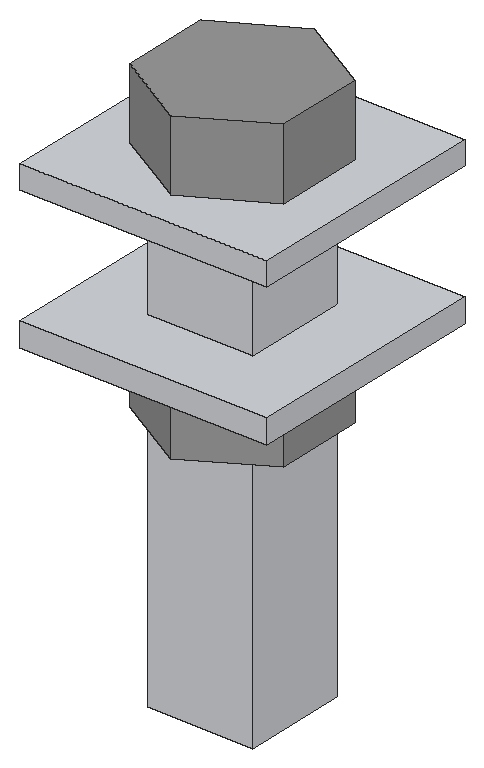
Revit family "060523 - W_P_C - Fastenings - Generic - SQUARE", category Structural Connections, Revit 2020
Family settings
  Material for Model Behavior = Other
  Work Plane-Based = Yes
  Enable cutting in views = Yes
  Always vertical = No
  Cut with Voids When Loaded = No
  Shared = No
Parameters (values of type "Thru-Bolt - .8750 - 7/8")
  Washer_Thickness = Head Height / 3  # 0.20182"
  Washer Radius = Radius + Head Height  # 1.05273"
  Washer Offset - Head = if(Washer_Head_Visibility, Washer_Thickness, 0.000")  # 0.20182"
  Washer Offset = if(Washer_Nut_Visibility, Washer_Thickness, 0.000")  # 0.20182"
  Washer Material = none
  Washer_Nut_Visibility = yes
  Washer_Head_Visibility = yes
  Thickness_of_Substrate [instance] = 1.000"
  Side = Head Size * 0.57812  # 0.75879"
  Round_Head_Visibility = no
  Radius = Diameter / 2  # 0.44727"
  Point Visibility = no
  Nut_Visibility = yes
  Length [instance] = 4.000"
  Hex_Head_Visiblilty = yes
  Head Size = 1.3125"
  Head Radius = Head Size / 2  # 0.65625"
  Head Height = 0.60547"
  Double Diameter = Diameter * 2  # 1.78906"
  Diameter = 0.89453"
  Default Elevation = 48.000"
  Bolt Material (Size) = AT SILL - FASTENER AT 24" O.C.
Types (42): name | Washer_Thickness | Washer Radius | Washer Offset - Head | Washer Offset | Washer_Nut_Visibility | Washer_Head_Visibility | Side | Round_Head_Visibility | Radius | Point Visibility | Nut_Visibility | Length | Hex_Head_Visiblilty | Head Size | Head Radius | Head Height | Double Diameter | Diameter
  Lag - .1900 - #10 | 0.04688" | 0.24023" | 0.000" | 0.000" | no | no | 0.1626" | no | 0.09961" | yes | no | 4.000" | yes | 0.28125" | 0.14063" | 0.14063" | 0.39844" | 0.19922"
  Lag - .2500 - 1/4 | 0.0625" | 0.3175" | 0.000" | 0.000" | no | no | 0.25293" | no | 0.130" | yes | no | 4.000" | yes | 0.4375" | 0.21875" | 0.1875" | 0.520" | 0.260"
  Lag - .3125 - 5/16 | 0.07813" | 0.39638" | 0.000" | 0.000" | no | no | 0.28906" | no | 0.162" | yes | no | 4.000" | yes | 0.500" | 0.250" | 0.23438" | 0.648" | 0.324"
  Lag - .3750 - 3/8 | 0.08933" | 0.46136" | 0.000" | 0.000" | no | no | 0.3252" | no | 0.19336" | yes | no | 4.000" | yes | 0.5625" | 0.28125" | 0.268" | 0.77344" | 0.38672"
  Lag - .4375 - 7/16 | 0.10547" | 0.54297" | 0.000" | 0.000" | no | no | 0.36133" | no | 0.22656" | yes | no | 4.000" | yes | 0.625" | 0.3125" | 0.31641" | 0.90625" | 0.45313"
  Lag - .5000 - 1/2 | 0.12109" | 0.62109" | 0.000" | 0.000" | no | no | 0.43359" | no | 0.25781" | yes | no | 4.000" | yes | 0.750" | 0.375" | 0.36328" | 1.03125" | 0.51563"
  Lag - .6250 - 5/8 | 0.14844" | 0.76563" | 0.000" | 0.000" | no | no | 0.54199" | no | 0.32031" | yes | no | 4.000" | yes | 0.9375" | 0.46875" | 0.44531" | 1.28125" | 0.64062"
  Lag - .7500 - 3/4 | 0.17448" | 0.9082" | 0.000" | 0.000" | no | no | 0.65039" | no | 0.38477" | yes | no | 4.000" | yes | 1.125" | 0.5625" | 0.52344" | 1.53906" | 0.76953"
  Lag - .8750 - 7/8 | 0.20182" | 1.05273" | 0.000" | 0.000" | no | no | 0.75879" | no | 0.44727" | yes | no | 4.000" | yes | 1.3125" | 0.65625" | 0.60547" | 1.78906" | 0.89453"
  Thru-Bolt - .1900 - #10 | 0.04688" | 0.24023" | 0.04688" | 0.04688" | yes | yes | 0.1626" | no | 0.09961" | no | yes | 4.000" | yes | 0.28125" | 0.14063" | 0.14063" | 0.39844" | 0.19922"
  Thru-Bolt - .2500 - 1/4 | 0.0625" | 0.3175" | 0.0625" | 0.0625" | yes | yes | 0.25293" | no | 0.130" | no | yes | 4.000" | yes | 0.4375" | 0.21875" | 0.1875" | 0.520" | 0.260"
  Thru-Bolt - .3125 - 5/16 | 0.07813" | 0.39638" | 0.07813" | 0.07813" | yes | yes | 0.28906" | no | 0.162" | no | yes | 4.000" | yes | 0.500" | 0.250" | 0.23438" | 0.648" | 0.324"
  Thru-Bolt - .3750 - 3/8 | 0.08933" | 0.46136" | 0.08933" | 0.08933" | yes | yes | 0.3252" | no | 0.19336" | no | yes | 4.000" | yes | 0.5625" | 0.28125" | 0.268" | 0.77344" | 0.38672"
  Thru-Bolt - .4375 - 7/16 | 0.10547" | 0.54297" | 0.10547" | 0.10547" | yes | yes | 0.36133" | no | 0.22656" | no | yes | 4.000" | yes | 0.625" | 0.3125" | 0.31641" | 0.90625" | 0.45313"
  Thru-Bolt - .5000 - 1/2 | 0.12109" | 0.62109" | 0.12109" | 0.12109" | yes | yes | 0.43359" | no | 0.25781" | no | yes | 4.000" | yes | 0.750" | 0.375" | 0.36328" | 1.03125" | 0.51563"
  Thru-Bolt - .6250 - 5/8 | 0.14844" | 0.76563" | 0.14844" | 0.14844" | yes | yes | 0.54199" | no | 0.32031" | no | yes | 4.000" | yes | 0.9375" | 0.46875" | 0.44531" | 1.28125" | 0.64062"
  Thru-Bolt - .7500 - 3/4 | 0.17448" | 0.9082" | 0.17448" | 0.17448" | yes | yes | 0.65039" | no | 0.38477" | no | yes | 4.000" | yes | 1.125" | 0.5625" | 0.52344" | 1.53906" | 0.76953"
  Thru-Bolt - .8750 - 7/8 | 0.20182" | 1.05273" | 0.20182" | 0.20182" | yes | yes | 0.75879" | no | 0.44727" | no | yes | 4.000" | yes | 1.3125" | 0.65625" | 0.60547" | 1.78906" | 0.89453"
  Screw - .103 - #3 | 0.00333" | 0.0615" | 0.000" | 0.000" | no | no | 0.57812" | yes | 0.0515" | yes | no | 4.000" | no | 1.000" | 0.500" | 0.010" | 0.206" | 0.103"
  Screw - .116 - #4 | 0.00333" | 0.068" | 0.000" | 0.000" | no | no | 0.57812" | yes | 0.058" | yes | no | 4.000" | no | 1.000" | 0.500" | 0.010" | 0.232" | 0.116"
  Screw - .129 - #5 | 0.00333" | 0.0745" | 0.000" | 0.000" | no | no | 0.57812" | yes | 0.0645" | yes | no | 4.000" | no | 1.000" | 0.500" | 0.010" | 0.258" | 0.129"
  Screw - .142 - #6 | 0.00333" | 0.081" | 0.000" | 0.000" | no | no | 0.57812" | yes | 0.071" | yes | no | 4.000" | no | 1.000" | 0.500" | 0.010" | 0.284" | 0.142"
  Screw - .155 - #7 | 0.00333" | 0.0875" | 0.000" | 0.000" | no | no | 0.57812" | yes | 0.0775" | yes | no | 4.000" | no | 1.000" | 0.500" | 0.010" | 0.310" | 0.155"
  Screw - .168 - #8 | 0.00333" | 0.094" | 0.000" | 0.000" | no | no | 0.57812" | yes | 0.084" | yes | no | 4.000" | no | 1.000" | 0.500" | 0.010" | 0.336" | 0.168"
  Screw - .181 - #9 | 0.00333" | 0.1005" | 0.000" | 0.000" | no | no | 0.57812" | yes | 0.0905" | yes | no | 4.000" | no | 1.000" | 0.500" | 0.010" | 0.362" | 0.181"
  Screw - .194 - #10 | 0.00333" | 0.107" | 0.000" | 0.000" | no | no | 0.57812" | yes | 0.097" | yes | no | 4.000" | no | 1.000" | 0.500" | 0.010" | 0.388" | 0.194"
  Screw - .220 - #12 | 0.00333" | 0.120" | 0.000" | 0.000" | no | no | 0.57812" | yes | 0.110" | yes | no | 4.000" | no | 1.000" | 0.500" | 0.010" | 0.440" | 0.220"
  Screw - .246 - #14 | 0.00333" | 0.133" | 0.000" | 0.000" | no | no | 0.57812" | yes | 0.123" | yes | no | 4.000" | no | 1.000" | 0.500" | 0.010" | 0.492" | 0.246"
  Screw - .272 - #16 | 0.00333" | 0.146" | 0.000" | 0.000" | no | no | 0.57812" | yes | 0.136" | yes | no | 4.000" | no | 1.000" | 0.500" | 0.010" | 0.544" | 0.272"
  Nail - 02d - 15ga - 1" | 0.00333" | 0.046" | 0.000" | 0.000" | no | no | 0.57812" | yes | 0.036" | yes | no | 1.000" | no | 1.000" | 0.500" | 0.010" | 0.144" | 0.072"
  Nail - 03d - 14ga - 1.25" | 0.00333" | 0.0515" | 0.000" | 0.000" | no | no | 0.57812" | yes | 0.0415" | yes | no | 1.250" | no | 1.000" | 0.500" | 0.010" | 0.166" | 0.083"
  Nail - 04d - 12ga- 1.5" | 0.00333" | 0.0645" | 0.000" | 0.000" | no | no | 0.57812" | yes | 0.0545" | yes | no | 1.500" | no | 1.000" | 0.500" | 0.010" | 0.218" | 0.109"
  Nail - 05d - 12ga - 1.75" | 0.00333" | 0.0645" | 0.000" | 0.000" | no | no | 0.57812" | yes | 0.0545" | yes | no | 1.750" | no | 1.000" | 0.500" | 0.010" | 0.218" | 0.109"
  Nail - 06d - 11ga - 2" | 0.00333" | 0.070" | 0.000" | 0.000" | no | no | 0.57812" | yes | 0.060" | yes | no | 2.000" | no | 1.000" | 0.500" | 0.010" | 0.240" | 0.120"
  Nail - 08d - 10ga - 2.5" | 0.00333" | 0.077" | 0.000" | 0.000" | no | no | 0.57812" | yes | 0.067" | yes | no | 2.500" | no | 1.000" | 0.500" | 0.010" | 0.268" | 0.134"
  Nail - 10d - 9ga - 3" | 0.00333" | 0.084" | 0.000" | 0.000" | no | no | 0.57812" | yes | 0.074" | yes | no | 3.000" | no | 1.000" | 0.500" | 0.010" | 0.296" | 0.148"
  Nail - 12d - 9ga - 3.25" | 0.00333" | 0.084" | 0.000" | 0.000" | no | no | 0.57812" | yes | 0.074" | yes | no | 3.250" | no | 1.000" | 0.500" | 0.010" | 0.296" | 0.148"
  Nail - 16d - 8ga - 3.5" | 0.00333" | 0.0925" | 0.000" | 0.000" | no | no | 0.57812" | yes | 0.0825" | yes | no | 3.500" | no | 1.000" | 0.500" | 0.010" | 0.330" | 0.165"
  Nail - 20d - 6ga - 4" | 0.00333" | 0.1115" | 0.000" | 0.000" | no | no | 0.57812" | yes | 0.1015" | yes | no | 4.000" | no | 1.000" | 0.500" | 0.010" | 0.406" | 0.203"
  Nail - 30d - 5ga - 4.5" | 0.00333" | 0.120" | 0.000" | 0.000" | no | no | 0.57812" | yes | 0.110" | yes | no | 4.500" | no | 1.000" | 0.500" | 0.010" | 0.440" | 0.220"
  Nail - 40d - 4ga - 5" | 0.00333" | 0.129" | 0.000" | 0.000" | no | no | 0.57812" | yes | 0.119" | yes | no | 5.000" | no | 1.000" | 0.500" | 0.010" | 0.476" | 0.238"
  Nail - 60d - 4ga - 6" | 0.00333" | 0.129" | 0.000" | 0.000" | no | no | 0.57812" | yes | 0.119" | yes | no | 6.000" | no | 1.000" | 0.500" | 0.010" | 0.476" | 0.238"
Reference planes (in)
  plane 1 "Center (Front/Back)": y = 0
  plane 2: z = 0
  plane 3 "Center (Left/Right)": x = 0
  plane 4: z = 0.80729
  plane 5 "end": z = -4
  plane 6: y = 0
  plane 7: x = 0
  plane 8: z = -1
  plane 9: z = 0.20182
  plane 10: z = -1.20182
  plane 11: z = 0
  plane 12: through (0, 0, 48) normal (0.866, 0.5, 0)
  plane 13: through (0, 0, 48) normal (0.866, -0.5, 0)
  plane 14: through (0, 0, 48) normal (0.5, -0.866, 0)
  plane 15: through (0, 0, 48) normal (-0.5, -0.866, 0)
  plane 16 "top of rounded head": z = 0.64909
  plane 17: x = -0.44727
  plane 18: x = 0.44727
  plane 19: y = 0.44727
  plane 20: y = -0.44727
Forms (in)
  Extrusion 1, solid
    sketch origin (0, 0, 0) x (1, 0, 0) y (0, 1, 0)
      loop
        line (0.44727, 0.44727) -> (-0.44727, 0.44727) -> (-0.44727, -0.44727) -> (0.44727, -0.44727) -> (0.44727, 0.44727)
    from 0.20182 to -4
Lines and regions (in)
  model lines, style "InvisibleLines"
    curve 1: line (0, -0.64952, 0.80729) -> (0, 0.64952, 0.80729)
    curve 2: line (0.65625, 0, 0.80729) -> (-0.65625, 0, 0.80729)
  symbolic lines, style "InvisibleLines"
    curve 3: line (0, 0, 0.80729) -> (0, 0, -4)
    curve 4: line (0, 0, 0.80729) -> (0, 0, -4)
Dimensions and locks (in)
  "Head Height": plane 4 to plane 9
  "Length": plane 11 to plane 5 "end"
  "Thickness_of_Substrate": plane 2 to plane 8
  "Washer Offset": plane 8 to plane 10
  "Washer Offset - Head": plane 9 to plane 2
  "Radius": plane 16 "top of rounded head" to plane 9
  "Diameter": plane 17 to plane 18
  "Diameter": plane 19 to plane 20
  equal spacing: plane 17, plane 7, plane 18
  equal spacing: plane 19, plane 6, plane 20
  nested 4 to level = 0.20182"
  aligned and locked: plane 2 to level
  aligned and locked: plane 7 to curve 1
  aligned and locked: curve 2 to plane 6
  aligned and locked: plane 6 to curve 4
  aligned and locked: plane 11 to level
  aligned and locked: nested 5 to nested 3
  aligned and locked: plane 19 to Extrusion 1 sketch curve
  aligned and locked: plane 18 to Extrusion 1 sketch curve
  aligned and locked: Extrusion 1 sketch curve to plane 20
  aligned and locked: Extrusion 1 to plane 5 "end"
  aligned and locked: plane 9 to Extrusion 1
Automatic sketch dimensions
  curve 3 to plane 3 "Center (Left/Right)" = 0.000"
  curve 3 to plane 5 "end" = 0.000"
  curve 3 to plane 4 = 0.000"
  curve 4 to plane 5 "end" = 0.000"
  curve 4 to plane 4 = 0.000"
  curve 1 to curve 2 = 0.64952"
  curve 2 to curve 1 = 0.64952"
  curve 2 to nested 1 = 0.000"  (x2)
  Extrusion 1 sketch curve to plane 17 = 0.000"
Nested families (in)
  nested 1: "Nut" at (0, 0, 0.20182), Diameter <- "Diameter", Head Height <- "Head Height", Head Size <- "Head Size", visible <- "Hex_Head_Visiblilty", type "one"
    with Side 0.75879", Radius 0.44727", Head Size 1.3125", Head Radius 0.65625", Head Height 0.60547", Diameter 0.89453"
  nested 2: "Nut" at (0, 0, -1.20182) x (1, 0, 0) z (0, 0, -1), Diameter <- "Diameter", Head Height <- "Head Height", Head Size <- "Head Size", visible <- "Nut_Visibility", type "one"
    with Side 0.75879", Radius 0.44727", Head Size 1.3125", Head Radius 0.65625", Head Height 0.60547", Diameter 0.89453"
  nested 3: "Washer" at (0, 0, -1) x (0, -1, 0) z (0, 0, -1), visible <- "Washer_Nut_Visibility", type "one"
    with Washer_Thickness 0.20182", Washer Radius 1.05273"
  nested 4: "Washer" at (0, 0, 0) x (0, -1, 0) z (0, 0, 1), visible <- "Washer_Head_Visibility", type "one"
    with Washer_Thickness 0.20182", Washer Radius 1.05273"
  nested 5: "Bolt Head" at (0, 0, 0.20182) x (0, -1, 0) z (0, 0, 1), Diameter <- "Diameter", Head Size <- "Double Diameter", visible <- "Round_Head_Visibility", type "one"
    with Side 1.0343", Radius 0.44727", Head Size 1.78906", Head Radius 0.89453", Head Height 0.750", Half Radius 0.44727", Diameter 0.89453"
  nested 6: "Point" at (0, 0, -4) x (0, 1, 0) z (0, 0, -1), Diameter <- "Diameter", Head Size <- "Diameter", visible <- "Point Visibility", type "one"
    with Side 0.51715", Radius 0.44727", Point Height 0.89453", Head Size 0.89453", Head Radius 0.44727", Head Height 0.750", Diameter 0.89453"
Definition of nested family "Nut"
  Parameters (values of type "one")
    Side [instance] = Head Size * 0.57812  # 0.43359"
    Radius [instance] = Diameter / 2  # 0.250"
    Head Size [instance] = 0.750"
    Head Radius [instance] = Head Size / 2  # 0.375"
    Head Height [instance] = 0.34375"
    Diameter [instance] = 0.500"
    Default Elevation = 48.000"
    Bolt Material (Size) = none
  Reference planes (in)
    plane 1 "Center (Front/Back)": y = 0
    plane 2: z = 0
    plane 3 "Center (Left/Right)": x = 0
    plane 4: z = 0.34375
    plane 5: y = 0
    plane 6: x = 0
  Forms (in)
    Extrusion 1, solid, material <- "Bolt Material (Size)"
      sketch origin (0, 0, 0) x (1, 0, 0) y (0, 1, 0)
        loop
          line (0, 0.43301) -> (-0.375, 0.21651) -> (-0.375, -0.21651) -> (0, -0.43301) -> (0.375, -0.21651) -> (0.375, 0.21651) -> (0, 0.43301)
      from 0 to 0.34375
  Lines and regions (in)
    symbolic lines
      curve 1: line (0, 0, 0.34375) -> (0, 0, -3)
  Dimensions and locks (in)
    "Head Height": plane 4 to level
    "Head Radius": Extrusion 1 sketch curve to plane 3 "Center (Left/Right)"
    "Head Radius": Extrusion 1 sketch curve to plane 6
    "Head Radius": Extrusion 1 sketch curve to plane 5  (x2)
    locked: Extrusion 1 sketch curve to Extrusion 1 sketch curve (angle 120.00°)  (x5)
    aligned and locked: level to plane 2
    aligned and locked: Extrusion 1 to plane 4
    aligned and locked: plane 5 to curve 1
  Automatic sketch dimensions
    curve 1 to plane 4 = 0.000"
    curve 1 to level = 3.000"
    Extrusion 1 sketch curve to plane 3 "Center (Left/Right)" = 0.000"  (x2)
Definition of nested family "Washer"
  Parameters (values of type "one")
    Washer_Thickness = 0.04688"
    Washer Radius = 0.24023"
    Default Elevation = 48.000"
    Washer Material = none
  Reference planes (in)
    plane 1 "Center (Front/Back)": y = 0
    plane 2: z = 0
    plane 3 "Center (Left/Right)": x = 0
    plane 4: z = 0.04687
    plane 5: y = 0
    plane 6: x = 0
    plane 7: y = -0.24023
    plane 8: x = 0.24023
    plane 9: y = 0.24023
    plane 10: x = -0.24023
  Forms (in)
    Extrusion 1, solid, material <- "Washer Material"
      sketch origin (0, 0, 0) x (1, 0, 0) y (0, 1, 0)
        loop
          line (-0.24023, 0.24023) -> (-0.24023, -0.24023) -> (0.24023, -0.24023) -> (0.24023, 0.24023) -> (-0.24023, 0.24023)
      from 0 to 0.04688
  Lines and regions (in)
    symbolic lines
      curve 1: line (0, 0, 0.04687) -> (0, 0, -3)
  Dimensions and locks (in)
    "Washer_Thickness": plane 2 to plane 4
    "Washer Radius": plane 10 to plane 6
    "Washer Radius": plane 5 to plane 7
    equal spacing: plane 9, plane 5, plane 7
    equal spacing: plane 10, plane 6, plane 8
    aligned and locked: level to plane 2
    aligned and locked: plane 5 to curve 1
    aligned and locked: Extrusion 1 sketch curve to plane 9
    aligned and locked: Extrusion 1 sketch curve to plane 8
    aligned and locked: plane 10 to Extrusion 1 sketch curve
    aligned and locked: plane 7 to Extrusion 1 sketch curve
    aligned and locked: plane 4 to Extrusion 1
  Automatic sketch dimensions
    curve 1 to plane 4 = 0.000"
    curve 1 to level = 3.000"
Definition of nested family "Bolt Head"
  Parameters (values of type "one")
    Side [instance] = Head Size * 0.57812  # 0.9128"
    Radius [instance] = Diameter / 2  # 0.250"
    Head Size [instance] = 1.5789"
    Head Radius [instance] = Head Size / 2  # 0.78945"
    Head Height [instance] = 0.750"
    Half Radius [instance] = Head Radius / 2  # 0.39472"
    Diameter [instance] = 0.500"
    Default Elevation = 48.000"
    Bolt Material (Size) = none
  Reference planes (in)
    plane 1 "Center (Front/Back)": y = 0
    plane 2: z = 0
    plane 3 "Center (Left/Right)": x = 0
    plane 4: y = 0
    plane 5: x = 0
    plane 6: x = 0.78945
    plane 7: z = 0.39472
    plane 8: x = -0.78945
    plane 9: y = 0.78945
    plane 10: y = -0.78945
  Forms (in)
    Extrusion 1, solid
      sketch origin (0, 0.78945, 0) x (0, 0, 1) y (-1, 0, 0)
        loop
          line (0.39472, 0.78945) -> (0, 0.78945) -> (0, -0.78945) -> (0.39472, -0.78945) -> (0.39472, 0.78945)
      from 0 to 1.5789
  Lines and regions (in)
    symbolic lines
      curve 1: line (0, 0, 0.75) -> (0, 0, -3)
  Dimensions and locks (in)
    "Head Radius": plane 6 to plane 5
    "Half Radius": plane 2 to plane 7
    equal spacing: plane 8, plane 5, plane 6
    "Head Radius": plane 4 to plane 10
    "Head Radius": plane 9 to plane 4
    aligned and locked: level to plane 2
    aligned and locked: plane 4 to curve 1
    aligned and locked: level to Extrusion 1 sketch curve
    aligned and locked: Extrusion 1 sketch curve to plane 7
    aligned and locked: Extrusion 1 to plane 6
    aligned and locked: Extrusion 1 to plane 8
    aligned and locked: plane 10 to Extrusion 1
  Automatic sketch dimensions
    curve 1 to level = 3.000"
    plane 7 to curve 1 = 0.35528"
    plane 6 to Extrusion 1 sketch curve = 0.000"
    Extrusion 1 sketch curve to plane 8 = 0.000"
Definition of nested family "Point"
  Parameters (values of type "one")
    Side [instance] = Head Size * 0.57812  # 0.9128"
    Radius [instance] = Diameter / 2  # 0.250"
    Point Material (Size) = none
    Head Size [instance] = 1.5789"
    Head Radius [instance] = Head Size / 2  # 0.78945"
    Head Height [instance] = 0.750"
    Point Height [instance] = Head Radius * 2  # 1.5789"
    Diameter [instance] = 0.500"
    Default Elevation = 48.000"
  Reference planes (in)
    plane 1 "Center (Front/Back)": y = 0
    plane 2: z = 0
    plane 3 "Center (Left/Right)": x = 0
    plane 4: y = 0
    plane 5: x = 0
    plane 6: x = 0.78945
    plane 7: z = 1.5789
    plane 8: y = 0.78945
    plane 9: y = -0.78945
    plane 10: x = -0.78945
  Forms (in)
    Extrusion 1, solid
      sketch origin (0, -0.78945, 0) x (0, 0, -1) y (-1, 0, 0)
        loop
          line (0, 0.78945) -> (-1.5789, 0) -> (0, -0.78945) -> (0, 0.78945)
      from 0 to 1.5789 <- "Point Height"
  Lines and regions (in)
    symbolic lines
      curve 1: line (0, 0, 1.93417) -> (0, 0, -3)
  Dimensions and locks (in)
    "Head Radius": plane 6 to plane 5
    "Point Height": plane 2 to plane 7
    "Point Height": plane 8 to plane 9
    equal spacing: plane 8, plane 4, plane 9
    plane 5 to plane 6 = 0.78945"
    equal spacing: plane 6, plane 5, plane 10
    aligned and locked: level to plane 2
    aligned and locked: plane 4 to curve 1
  Automatic sketch dimensions
    curve 1 to level = 3.000"
    plane 7 to curve 1 = 0.35528"
    plane 3 "Center (Left/Right)" to Extrusion 1 sketch curve = 0.000"
    Extrusion 1 sketch curve to plane 7 = 0.000"
    Extrusion 1 sketch curve to level = 0.000"
    plane 6 to Extrusion 1 sketch curve = 0.000"
    Extrusion 1 sketch curve to plane 10 = 0.000"
